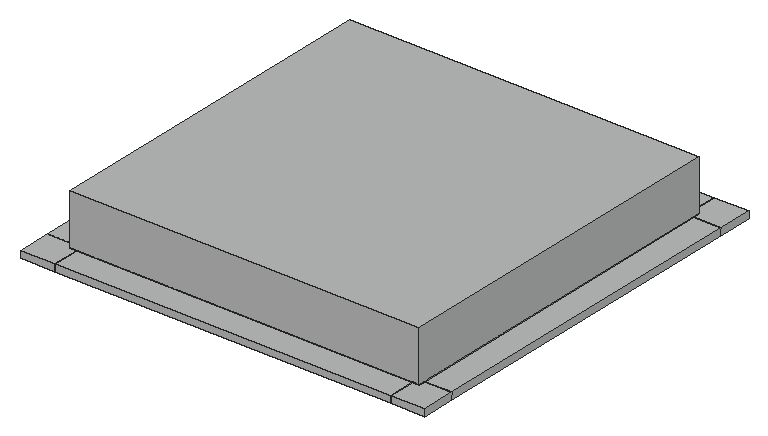
Revit family "ALUMOGIPS", category Осветительные приборы, Revit 2019 (continued)
Types (72, lengths in mm): name | Файл фотометрической сетки | built-in parameter 1150105 | Lumens | built-in parameter 1150106 | built-in parameter 1150142 | Wattage | Emit from Rectangle Width | Emit from Rectangle Length | Длина | Материал светильника | Ширина | ADSK_Ток | ADSK_Полная мощность | ADSK_Обозначение | ADSK_Номинальная мощность | ADSK_Наименование | ADSK_Масса | ADSK_Код изделия
  Alumogips-38/opal-sand 610х610 (IP54, 4000К, белый, грильято) c БАП на 1 час | "Светильник ALUMOGIPS-38 OPAL-SAND-(610x610).IES" | 302.39 (stored number, unit not read) | 3800 lm | 3.0239 (stored number, unit not read) | "IESNA:LM-63-95\r\n[TEST] Протокол № 50-12 \r\n[DATA] 20.06.2016\r\n[MORE] \r\n[MANUFAC] ЗАО \"Центрстройсвет\"\r\n[LUMCAT]  Светильник ALUMOGIPS-38/OPAL-SAND-(610x610)\r\n[LUMINAIRE]\r\n[LAMPCAT] Светодиоды\r\n[LAMP] Поток источника света (светодиодов) не известен\r\n[MORE] КСС приведена в абсолютных величинах кд\r\n[MORE] Вместо потока лампы, указан поток светильника.\r\nTILT=NONE\r\n1    3750 1.0 37 73 1 2 0.61 0.61 0.04\r\n1.0 1.0 38.7\r\n0.0 5.0 10.0 15.0 20.0 25.0 30.0 35.0 40.0 45.0 50.0 55.0 60.0 65.0 70.0 75.0 80.0 85.0 90.0 95.0 100.0 105.0 110.0 115.0 120.0 125.0 130.0 135.0 140.0 145.0 150.0 155.0 160.0 165.0 170.0 175.0 180.0\r\n0.0 5.0 10.0 15.0 20.0 25.0 30.0 35.0 40.0 45.0 50.0 55.0 60.0 65.0 70.0 75.0 80.0 85.0 90.0 95.0 100.0 105.0 110.0 115.0 120.0 125.0 130.0 135.0 140.0 145.0 150.0 155.0 160.0 165.0 170.0 175.0 180.0 185.0 190.0 195.0 200.0 205.0 210.0 215.0 220.0 225.0 230.0 235.0 240.0 245.0 250.0 255.0 260.0 265.0 270.0 275.0 280.0 285.0 290.0 295.0 300.0 305.0 310.0 315.0 320.0 325.0 330.0 335.0 340.0 345.0 350.0 355.0 360.0\r\n1391.4 1390.6 1365.7 1330.6 1277.5 1214.9 1147.5 1059.6 967.6 873.2 772.4 664.9 556.3 449.1 342.7 240.6 147.1 64.2 4.7 0.0 0.0 0.0 0.0 0.0 0.0 0.0 0.0 0.0 0.0 0.0 0.0 0.0 0.0 0.0 0.0 0.0 0.0\r\n1391.4 1390.5 1367.8 1332.7 1284.3 1221.3 1147.0 1062.1 969.2 872.4 773.2 666.3 557.1 450.1 343.8 241.9 146.9 64.7 5.2 0.0 0.0 0.0 0.0 0.0 0.0 0.0 0.0 0.0 0.0 0.0 0.0 0.0 0.0 0.0 0.0 0.0 0.0\r\n1391.4 1390.2 1372.0 1333.3 1277.3 1216.8 1144.5 1057.4 969.6 875.1 773.8 669.5 560.0 454.6 345.8 242.4 148.5 65.8 5.4 0.0 0.0 0.0 0.0 0.0 0.0 0.0 0.0 0.0 0.0 0.0 0.0 0.0 0.0 0.0 0.0 0.0 0.0\r\n1391.4 1389.8 1371.2 1330.7 1279.5 1220.5 1148.3 1059.9 967.7 873.2 767.5 666.8 561.4 453.0 347.1 243.7 149.9 65.6 5.8 0.0 0.0 0.0 0.0 0.0 0.0 0.0 0.0 0.0 0.0 0.0 0.0 0.0 0.0 0.0 0.0 0.0 0.0\r\n1391.4 1389.8 1368.3 1329.3 1285.0 1214.6 1141.1 1058.7 971.8 871.3 775.2 666.9 559.4 452.6 345.8 242.5 150.0 65.8 6.1 0.0 0.0 0.0 0.0 0.0 0.0 0.0 0.0 0.0 0.0 0.0 0.0 0.0 0.0 0.0 0.0 0.0 0.0\r\n1391.4 1390.5 1367.3 1332.3 1281.7 1219.0 1142.8 1064.6 970.5 874.4 772.1 667.5 560.2 453.0 346.2 241.8 149.4 65.7 5.6 0.0 0.0 0.0 0.0 0.0 0.0 0.0 0.0 0.0 0.0 0.0 0.0 0.0 0.0 0.0 0.0 0.0 0.0\r\n1391.4 1391.4 1368.1 1333.5 1277.3 1215.7 1139.0 1059.6 968.1 872.4 771.6 667.4 558.8 453.3 344.3 243.9 148.4 65.7 5.4 0.0 0.0 0.0 0.0 0.0 0.0 0.0 0.0 0.0 0.0 0.0 0.0 0.0 0.0 0.0 0.0 0.0 0.0\r\n1391.4 1391.7 1368.1 1330.4 1278.2 1213.9 1142.4 1061.6 967.4 875.1 772.0 669.3 561.1 452.5 345.2 242.1 148.3 65.4 5.5 0.0 0.0 0.0 0.0 0.0 0.0 0.0 0.0 0.0 0.0 0.0 0.0 0.0 0.0 0.0 0.0 0.0 0.0\r\n1391.4 1391.5 1371.0 1328.4 1278.5 1216.7 1142.1 1061.2 971.8 874.7 772.1 668.9 560.8 452.9 345.4 243.3 147.7 66.0 5.4 0.0 0.0 0.0 0.0 0.0 0.0 0.0 0.0 0.0 0.0 0.0 0.0 0.0 0.0 0.0 0.0 0.0 0.0\r\n1391.4 1391.5 1373.2 1330.5 1277.3 1215.5 1143.2 1063.6 967.0 872.7 772.2 669.4 558.9 453.2 346.6 241.9 148.1 65.2 5.5 0.0 0.0 0.0 0.0 0.0 0.0 0.0 0.0 0.0 0.0 0.0 0.0 0.0 0.0 0.0 0.0 0.0 0.0\r\n1391.4 1391.4 1369.7 1328.3 1281.3 1216.0 1139.8 1057.9 968.7 875.3 773.9 667.6 561.8 454.0 344.0 243.1 147.2 65.6 5.5 0.0 0.0 0.0 0.0 0.0 0.0 0.0 0.0 0.0 0.0 0.0 0.0 0.0 0.0 0.0 0.0 0.0 0.0\r\n1391.4 1390.5 1367.9 1330.1 1278.1 1218.1 1138.9 1061.0 970.0 871.8 770.4 669.3 560.2 453.4 346.9 242.1 148.3 65.2 5.2 0.0 0.0 0.0 0.0 0.0 0.0 0.0 0.0 0.0 0.0 0.0 0.0 0.0 0.0 0.0 0.0 0.0 0.0\r\n1391.4 1389.3 1368.2 1329.1 1280.8 1214.4 1142.5 1059.2 967.2 874.3 772.4 668.0 563.1 452.3 345.7 242.8 146.8 64.9 5.1 0.0 0.0 0.0 0.0 0.0 0.0 0.0 0.0 0.0 0.0 0.0 0.0 0.0 0.0 0.0 0.0 0.0 0.0\r\n1391.4 1388.6 1367.4 1327.8 1278.0 1215.7 1141.0 1061.0 971.5 877.3 771.2 667.3 561.5 453.0 346.4 242.4 146.3 64.8 5.2 0.0 0.0 0.0 0.0 0.0 0.0 0.0 0.0 0.0 0.0 0.0 0.0 0.0 0.0 0.0 0.0 0.0 0.0\r\n1391.4 1388.0 1367.6 1326.7 1278.3 1218.0 1140.9 1061.5 968.4 873.4 770.1 666.6 562.1 454.6 344.8 241.8 146.4 64.0 5.5 0.0 0.0 0.0 0.0 0.0 0.0 0.0 0.0 0.0 0.0 0.0 0.0 0.0 0.0 0.0 0.0 0.0 0.0\r\n1391.4 1387.2 1366.1 1331.0 1281.4 1216.3 1142.7 1059.1 969.4 871.5 772.2 667.3 560.5 453.0 344.4 242.2 146.4 63.8 5.6 0.0 0.0 0.0 0.0 0.0 0.0 0.0 0.0 0.0 0.0 0.0 0.0 0.0 0.0 0.0 0.0 0.0 0.0\r\n1391.4 1387.1 1366.3 1328.7 1276.9 1214.5 1141.2 1059.3 968.4 874.3 775.5 668.3 562.5 454.9 346.4 241.3 146.2 63.5 5.7 0.0 0.0 0.0 0.0 0.0 0.0 0.0 0.0 0.0 0.0 0.0 0.0 0.0 0.0 0.0 0.0 0.0 0.0\r\n1391.4 1388.4 1366.0 1329.7 1279.2 1217.9 1140.0 1060.5 969.0 873.9 772.0 671.3 560.4 453.2 343.7 241.7 145.8 63.7 5.4 0.0 0.0 0.0 0.0 0.0 0.0 0.0 0.0 0.0 0.0 0.0 0.0 0.0 0.0 0.0 0.0 0.0 0.0\r\n1391.4 1389.6 1367.7 1329.3 1277.2 1211.1 1140.1 1061.0 971.0 871.2 769.2 669.1 561.5 453.1 343.3 241.9 145.8 63.4 5.2 0.0 0.0 0.0 0.0 0.0 0.0 0.0 0.0 0.0 0.0 0.0 0.0 0.0 0.0 0.0 0.0 0.0 0.0\r\n1391.4 1388.8 1366.9 1327.1 1279.4 1214.2 1142.5 1056.4 970.7 870.3 771.0 665.1 560.4 453.3 343.8 241.1 145.7 63.4 5.2 0.0 0.0 0.0 0.0 0.0 0.0 0.0 0.0 0.0 0.0 0.0 0.0 0.0 0.0 0.0 0.0 0.0 0.0\r\n1391.4 1387.2 1365.8 1328.9 1276.6 1210.2 1141.4 1059.3 966.6 871.4 770.5 667.4 559.2 451.4 344.2 241.0 145.6 63.2 5.1 0.0 0.0 0.0 0.0 0.0 0.0 0.0 0.0 0.0 0.0 0.0 0.0 0.0 0.0 0.0 0.0 0.0 0.0\r\n1391.4 1386.8 1364.4 1329.8 1279.4 1213.7 1144.0 1059.0 965.3 873.7 768.8 668.9 559.4 449.5 342.6 241.5 144.6 63.4 5.0 0.0 0.0 0.0 0.0 0.0 0.0 0.0 0.0 0.0 0.0 0.0 0.0 0.0 0.0 0.0 0.0 0.0 0.0\r\n1391.4 1388.1 1365.8 1328.1 1273.8 1213.4 1137.9 1059.2 967.3 869.2 769.3 667.7 558.4 451.4 344.0 240.6 145.7 63.4 4.9 0.0 0.0 0.0 0.0 0.0 0.0 0.0 0.0 0.0 0.0 0.0 0.0 0.0 0.0 0.0 0.0 0.0 0.0\r\n1391.4 1389.2 1364.4 1323.2 1276.3 1213.8 1137.6 1055.3 963.1 871.0 767.7 664.1 559.7 447.1 342.4 240.1 145.2 63.9 5.1 0.0 0.0 0.0 0.0 0.0 0.0 0.0 0.0 0.0 0.0 0.0 0.0 0.0 0.0 0.0 0.0 0.0 0.0\r\n1391.4 1388.4 1362.3 1326.8 1274.4 1212.2 1137.9 1054.7 966.7 867.9 768.7 663.4 557.3 449.2 343.3 240.0 145.7 63.6 5.0 0.0 0.0 0.0 0.0 0.0 0.0 0.0 0.0 0.0 0.0 0.0 0.0 0.0 0.0 0.0 0.0 0.0 0.0\r\n1391.4 1386.2 1361.8 1326.5 1273.3 1211.2 1134.5 1048.6 964.3 866.3 767.8 662.9 556.7 449.5 341.9 239.8 145.7 63.7 5.0 0.0 0.0 0.0 0.0 0.0 0.0 0.0 0.0 0.0 0.0 0.0 0.0 0.0 0.0 0.0 0.0 0.0 0.0\r\n1391.4 1384.4 1363.5 1324.4 1272.0 1209.5 1137.2 1053.0 960.2 867.5 767.9 662.7 556.7 449.2 342.5 239.1 146.2 63.8 4.8 0.0 0.0 0.0 0.0 0.0 0.0 0.0 0.0 0.0 0.0 0.0 0.0 0.0 0.0 0.0 0.0 0.0 0.0\r\n1391.4 1383.7 1362.4 1324.4 1274.0 1209.5 1134.4 1050.1 965.4 864.9 764.6 662.3 556.6 447.9 340.5 240.3 145.5 64.6 4.6 0.0 0.0 0.0 0.0 0.0 0.0 0.0 0.0 0.0 0.0 0.0 0.0 0.0 0.0 0.0 0.0 0.0 0.0\r\n1391.4 1384.4 1361.9 1326.9 1270.2 1207.3 1132.7 1050.1 959.7 867.7 763.1 662.2 555.0 447.3 343.0 238.3 145.8 63.9 4.7 0.0 0.0 0.0 0.0 0.0 0.0 0.0 0.0 0.0 0.0 0.0 0.0 0.0 0.0 0.0 0.0 0.0 0.0\r\n1391.4 1385.1 1363.0 1320.0 1270.4 1207.9 1134.4 1055.0 963.5 867.3 766.7 660.7 555.9 450.1 342.6 240.2 145.9 64.3 4.9 0.0 0.0 0.0 0.0 0.0 0.0 0.0 0.0 0.0 0.0 0.0 0.0 0.0 0.0 0.0 0.0 0.0 0.0\r\n1391.4 1384.9 1362.3 1321.4 1273.1 1208.0 1135.4 1052.3 961.9 865.0 764.0 660.8 553.5 447.6 341.2 240.3 146.1 63.8 4.8 0.0 0.0 0.0 0.0 0.0 0.0 0.0 0.0 0.0 0.0 0.0 0.0 0.0 0.0 0.0 0.0 0.0 0.0\r\n1391.4 1383.8 1361.2 1322.1 1265.1 1211.5 1132.8 1049.3 961.3 863.4 764.0 661.0 550.7 447.9 341.0 240.1 146.2 63.8 4.6 0.0 0.0 0.0 0.0 0.0 0.0 0.0 0.0 0.0 0.0 0.0 0.0 0.0 0.0 0.0 0.0 0.0 0.0\r\n1391.4 1382.8 1359.3 1321.5 1269.3 1206.8 1132.8 1051.1 958.3 863.2 763.1 662.7 553.4 448.0 340.4 240.0 145.8 63.8 4.0 0.0 0.0 0.0 0.0 0.0 0.0 0.0 0.0 0.0 0.0 0.0 0.0 0.0 0.0 0.0 0.0 0.0 0.0\r\n1391.4 1382.6 1359.0 1319.6 1268.1 1204.3 1129.8 1049.0 957.7 861.8 761.7 658.4 554.2 446.1 340.4 239.0 145.6 63.8 3.8 0.0 0.0 0.0 0.0 0.0 0.0 0.0 0.0 0.0 0.0 0.0 0.0 0.0 0.0 0.0 0.0 0.0 0.0\r\n1391.4 1382.8 1358.5 1315.8 1266.5 1202.1 1128.5 1049.2 957.6 860.0 762.1 658.2 549.9 443.8 339.6 238.4 145.7 63.6 3.7 0.0 0.0 0.0 0.0 0.0 0.0 0.0 0.0 0.0 0.0 0.0 0.0 0.0 0.0 0.0 0.0 0.0 0.0\r\n1391.4 1382.2 1360.5 1319.2 1265.9 1204.5 1129.9 1046.9 955.0 862.9 758.9 657.9 552.5 444.9 338.9 238.8 145.3 63.6 3.3 0.0 0.0 0.0 0.0 0.0 0.0 0.0 0.0 0.0 0.0 0.0 0.0 0.0 0.0 0.0 0.0 0.0 0.0\r\n1391.4 1381.1 1361.2 1321.0 1268.1 1203.8 1128.8 1047.4 955.6 863.7 761.1 656.4 551.5 445.2 339.2 238.5 144.7 62.5 3.5 0.0 0.0 0.0 0.0 0.0 0.0 0.0 0.0 0.0 0.0 0.0 0.0 0.0 0.0 0.0 0.0 0.0 0.0\r\n1391.4 1380.6 1359.0 1316.4 1268.5 1204.0 1126.1 1049.5 956.2 859.6 759.7 656.5 549.2 444.3 338.4 236.1 143.8 61.6 3.2 0.0 0.0 0.0 0.0 0.0 0.0 0.0 0.0 0.0 0.0 0.0 0.0 0.0 0.0 0.0 0.0 0.0 0.0\r\n1391.4 1380.7 1356.6 1316.0 1267.0 1205.6 1130.3 1044.8 956.9 856.7 759.3 653.5 548.1 441.9 335.3 235.4 141.4 60.3 2.9 0.0 0.0 0.0 0.0 0.0 0.0 0.0 0.0 0.0 0.0 0.0 0.0 0.0 0.0 0.0 0.0 0.0 0.0\r\n1391.4 1380.4 1354.4 1317.9 1268.8 1199.0 1129.0 1044.0 956.9 860.6 758.3 656.9 549.1 442.0 334.4 236.1 141.7 60.5 2.6 0.0 0.0 0.0 0.0 0.0 0.0 0.0 0.0 0.0 0.0 0.0 0.0 0.0 0.0 0.0 0.0 0.0 0.0\r\n1391.4 1380.1 1356.7 1322.1 1264.6 1201.7 1129.9 1047.4 957.2 859.7 758.2 656.1 549.4 442.8 335.3 235.8 141.3 60.6 2.3 0.0 0.0 0.0 0.0 0.0 0.0 0.0 0.0 0.0 0.0 0.0 0.0 0.0 0.0 0.0 0.0 0.0 0.0\r\n1391.4 1379.9 1357.3 1317.5 1265.9 1207.8 1129.2 1046.5 955.7 860.2 758.6 656.9 550.7 441.9 335.4 233.9 140.6 60.2 2.4 0.0 0.0 0.0 0.0 0.0 0.0 0.0 0.0 0.0 0.0 0.0 0.0 0.0 0.0 0.0 0.0 0.0 0.0\r\n1391.4 1379.2 1355.5 1314.6 1269.3 1203.7 1133.5 1044.8 957.2 857.9 762.0 656.6 548.7 440.4 335.9 234.5 140.4 59.8 2.8 0.0 0.0 0.0 0.0 0.0 0.0 0.0 0.0 0.0 0.0 0.0 0.0 0.0 0.0 0.0 0.0 0.0 0.0\r\n1391.4 1377.9 1357.1 1319.2 1271.9 1204.4 1128.6 1050.2 953.1 856.9 757.6 653.7 548.9 439.9 335.4 232.4 140.5 59.2 3.0 0.0 0.0 0.0 0.0 0.0 0.0 0.0 0.0 0.0 0.0 0.0 0.0 0.0 0.0 0.0 0.0 0.0 0.0\r\n1391.4 1377.2 1356.3 1322.9 1266.0 1204.8 1132.2 1049.0 958.1 859.3 759.0 654.6 547.0 441.6 334.9 232.1 139.3 58.8 2.9 0.0 0.0 0.0 0.0 0.0 0.0 0.0 0.0 0.0 0.0 0.0 0.0 0.0 0.0 0.0 0.0 0.0 0.0\r\n1391.4 1377.8 1353.8 1319.7 1269.6 1207.9 1135.8 1049.5 955.8 858.0 762.4 655.9 548.2 441.6 335.6 231.7 139.4 58.8 2.8 0.0 0.0 0.0 0.0 0.0 0.0 0.0 0.0 0.0 0.0 0.0 0.0 0.0 0.0 0.0 0.0 0.0 0.0\r\n1391.4 1378.5 1355.2 1319.8 1267.3 1206.5 1131.2 1046.1 954.6 861.2 756.6 653.8 548.1 440.3 335.0 232.6 138.6 59.0 2.9 0.0 0.0 0.0 0.0 0.0 0.0 0.0 0.0 0.0 0.0 0.0 0.0 0.0 0.0 0.0 0.0 0.0 0.0\r\n1391.4 1378.6 1355.1 1318.3 1269.7 1200.8 1133.1 1049.0 957.6 862.5 762.4 656.9 549.3 443.5 334.7 231.2 138.8 58.1 3.0 0.0 0.0 0.0 0.0 0.0 0.0 0.0 0.0 0.0 0.0 0.0 0.0 0.0 0.0 0.0 0.0 0.0 0.0\r\n1391.4 1378.8 1355.8 1321.7 1268.8 1210.0 1129.0 1048.5 958.8 862.4 762.2 656.4 549.0 441.1 335.4 231.5 138.5 58.1 3.0 0.0 0.0 0.0 0.0 0.0 0.0 0.0 0.0 0.0 0.0 0.0 0.0 0.0 0.0 0.0 0.0 0.0 0.0\r\n1391.4 1379.6 1357.6 1321.7 1269.0 1207.1 1133.9 1047.0 964.1 863.3 761.9 656.4 551.5 440.7 334.9 232.2 137.6 58.1 2.8 0.0 0.0 0.0 0.0 0.0 0.0 0.0 0.0 0.0 0.0 0.0 0.0 0.0 0.0 0.0 0.0 0.0 0.0\r\n1391.4 1380.6 1357.7 1319.2 1272.0 1207.5 1131.3 1054.6 959.0 863.3 764.8 655.9 549.1 443.0 335.1 231.3 138.0 58.1 2.7 0.0 0.0 0.0 0.0 0.0 0.0 0.0 0.0 0.0 0.0 0.0 0.0 0.0 0.0 0.0 0.0 0.0 0.0\r\n1391.4 1381.5 1358.5 1321.9 1271.0 1204.1 1135.9 1055.8 962.5 865.5 761.1 656.9 550.6 442.0 335.3 231.9 137.4 57.9 2.6 0.0 0.0 0.0 0.0 0.0 0.0 0.0 0.0 0.0 0.0 0.0 0.0 0.0 0.0 0.0 0.0 0.0 0.0\r\n1391.4 1381.3 1358.5 1322.3 1270.8 1207.2 1133.7 1051.9 958.0 867.3 767.5 657.0 552.1 442.3 333.6 231.2 137.9 57.8 2.6 0.0 0.0 0.0 0.0 0.0 0.0 0.0 0.0 0.0 0.0 0.0 0.0 0.0 0.0 0.0 0.0 0.0 0.0\r\n1391.4 1380.6 1359.4 1319.7 1270.6 1209.0 1133.0 1052.1 963.9 867.5 764.1 660.0 554.0 443.3 334.8 231.7 137.6 57.8 2.7 0.0 0.0 0.0 0.0 0.0 0.0 0.0 0.0 0.0 0.0 0.0 0.0 0.0 0.0 0.0 0.0 0.0 0.0\r\n1391.4 1381.3 1359.9 1321.3 1270.6 1204.8 1135.0 1051.3 962.1 865.5 761.7 660.3 553.1 443.5 334.1 231.9 137.9 57.8 2.8 0.0 0.0 0.0 0.0 0.0 0.0 0.0 0.0 0.0 0.0 0.0 0.0 0.0 0.0 0.0 0.0 0.0 0.0\r\n1391.4 1383.1 1362.1 1324.8 1273.8 1208.7 1134.8 1055.9 961.8 866.4 762.3 659.7 552.4 443.7 334.4 232.8 138.0 58.0 2.8 0.0 0.0 0.0 0.0 0.0 0.0 0.0 0.0 0.0 0.0 0.0 0.0 0.0 0.0 0.0 0.0 0.0 0.0\r\n1391.4 1384.6 1360.4 1321.7 1272.0 1210.6 1130.9 1052.5 963.1 866.7 767.4 659.3 553.7 444.6 335.4 233.1 138.3 58.0 2.8 0.0 0.0 0.0 0.0 0.0 0.0 0.0 0.0 0.0 0.0 0.0 0.0 0.0 0.0 0.0 0.0 0.0 0.0\r\n1391.4 1385.6 1357.5 1324.7 1273.9 1211.6 1134.3 1052.7 963.6 865.4 763.1 658.7 552.2 444.9 336.9 232.8 138.8 58.6 2.9 0.0 0.0 0.0 0.0 0.0 0.0 0.0 0.0 0.0 0.0 0.0 0.0 0.0 0.0 0.0 0.0 0.0 0.0\r\n1391.4 1386.4 1357.8 1323.4 1273.2 1212.2 1136.3 1054.7 967.5 867.5 764.0 659.4 553.3 443.7 336.8 233.2 138.9 58.5 3.1 0.0 0.0 0.0 0.0 0.0 0.0 0.0 0.0 0.0 0.0 0.0 0.0 0.0 0.0 0.0 0.0 0.0 0.0\r\n1391.4 1386.6 1362.0 1324.9 1273.2 1211.3 1139.0 1049.9 960.3 866.4 768.0 661.3 552.2 443.4 336.3 233.4 139.8 58.9 3.1 0.0 0.0 0.0 0.0 0.0 0.0 0.0 0.0 0.0 0.0 0.0 0.0 0.0 0.0 0.0 0.0 0.0 0.0\r\n1391.4 1386.0 1360.5 1326.0 1271.8 1212.0 1137.2 1059.3 963.5 867.6 766.9 661.2 552.3 445.8 337.8 233.6 141.0 59.2 3.3 0.0 0.0 0.0 0.0 0.0 0.0 0.0 0.0 0.0 0.0 0.0 0.0 0.0 0.0 0.0 0.0 0.0 0.0\r\n1391.4 1385.0 1362.3 1325.1 1272.0 1207.1 1138.5 1053.6 964.5 865.8 766.5 661.6 554.3 445.9 337.0 234.5 140.4 60.2 3.5 0.0 0.0 0.0 0.0 0.0 0.0 0.0 0.0 0.0 0.0 0.0 0.0 0.0 0.0 0.0 0.0 0.0 0.0\r\n1391.4 1384.4 1361.8 1323.6 1274.0 1214.8 1138.9 1053.9 968.0 867.9 769.0 663.8 555.6 446.7 339.6 235.0 141.3 60.4 3.4 0.0 0.0 0.0 0.0 0.0 0.0 0.0 0.0 0.0 0.0 0.0 0.0 0.0 0.0 0.0 0.0 0.0 0.0\r\n1391.4 1385.0 1360.9 1322.2 1272.4 1209.8 1137.2 1055.7 962.7 869.7 769.6 658.2 556.6 447.4 338.5 236.2 142.5 60.7 3.4 0.0 0.0 0.0 0.0 0.0 0.0 0.0 0.0 0.0 0.0 0.0 0.0 0.0 0.0 0.0 0.0 0.0 0.0\r\n1391.4 1386.6 1363.1 1323.6 1272.5 1211.5 1139.2 1058.4 969.9 868.0 768.8 664.6 556.3 445.8 342.1 236.1 142.3 61.2 3.5 0.0 0.0 0.0 0.0 0.0 0.0 0.0 0.0 0.0 0.0 0.0 0.0 0.0 0.0 0.0 0.0 0.0 0.0\r\n1391.4 1388.6 1360.9 1330.2 1273.7 1213.2 1138.7 1058.3 966.2 867.0 766.8 663.4 553.3 447.1 339.2 238.7 143.0 61.4 3.8 0.0 0.0 0.0 0.0 0.0 0.0 0.0 0.0 0.0 0.0 0.0 0.0 0.0 0.0 0.0 0.0 0.0 0.0\r\n1391.4 1389.8 1360.8 1328.4 1276.8 1216.0 1140.1 1055.8 963.1 870.3 768.4 663.1 554.0 449.1 340.1 237.3 144.8 61.7 3.8 0.0 0.0 0.0 0.0 0.0 0.0 0.0 0.0 0.0 0.0 0.0 0.0 0.0 0.0 0.0 0.0 0.0 0.0\r\n1391.4 1389.3 1362.5 1325.9 1278.0 1210.4 1138.2 1054.7 967.8 872.7 770.2 661.9 556.5 446.9 341.3 237.7 144.4 62.5 3.9 0.0 0.0 0.0 0.0 0.0 0.0 0.0 0.0 0.0 0.0 0.0 0.0 0.0 0.0 0.0 0.0 0.0 0.0\r\n1391.4 1387.8 1365.8 1326.6 1274.3 1213.2 1141.4 1053.1 966.2 871.2 768.4 663.7 555.0 447.1 341.3 238.2 144.3 62.7 4.1 0.0 0.0 0.0 0.0 0.0 0.0 0.0 0.0 0.0 0.0 0.0 0.0 0.0 0.0 0.0 0.0 0.0 0.0\r\n1391.4 1387.2 1364.2 1328.3 1274.8 1209.4 1145.0 1060.0 963.9 867.5 766.5 663.4 556.7 448.2 340.9 240.3 144.7 63.3 4.0 0.0 0.0 0.0 0.0 0.0 0.0 0.0 0.0 0.0 0.0 0.0 0.0 0.0 0.0 0.0 0.0 0.0 0.0\r\n1391.4 1388.4 1364.9 1332.6 1279.0 1215.6 1140.9 1056.3 969.3 867.1 770.0 663.8 559.0 449.0 342.4 240.3 145.7 63.3 4.7 0.0 0.0 0.0 0.0 0.0 0.0 0.0 0.0 0.0 0.0 0.0 0.0 0.0 0.0 0.0 0.0 0.0 0.0\r\n1391.4 1390.0 1364.5 1329.3 1281.4 1217.7 1141.3 1063.3 970.3 871.1 768.8 663.5 555.2 449.3 342.4 239.8 146.6 63.3 4.9 0.0 0.0 0.0 0.0 0.0 0.0 0.0 0.0 0.0 0.0 0.0 0.0 0.0 0.0 0.0 0.0 0.0 0.0\r\n1391.4 1390.6 1365.7 1330.6 1277.5 1214.9 1147.5 1059.6 967.6 873.2 772.4 664.9 556.3 449.1 342.7 240.6 147.1 64.2 4.7 0.0 0.0 0.0 0.0 0.0 0.0 0.0 0.0 0.0 0.0 0.0 0.0 0.0 0.0 0.0 0.0 0.0 0.0\r\n" | 25.582 W | 590 | 590 | 610 | RAL 9001 | 610 | 0.179584 A | 41.3043 VA | "Alumogips-38/opal-sand 610х610 (IP54, 4000К, белый, грильято)" | 38 W | "Встраиваемый светодиодный светильник Alumogips-38/opal-sand 610х610 (IP54, 4000К, белый, грильято) c 
    БАП на 1 час" | 2.4 | "ЦБ000007814"
